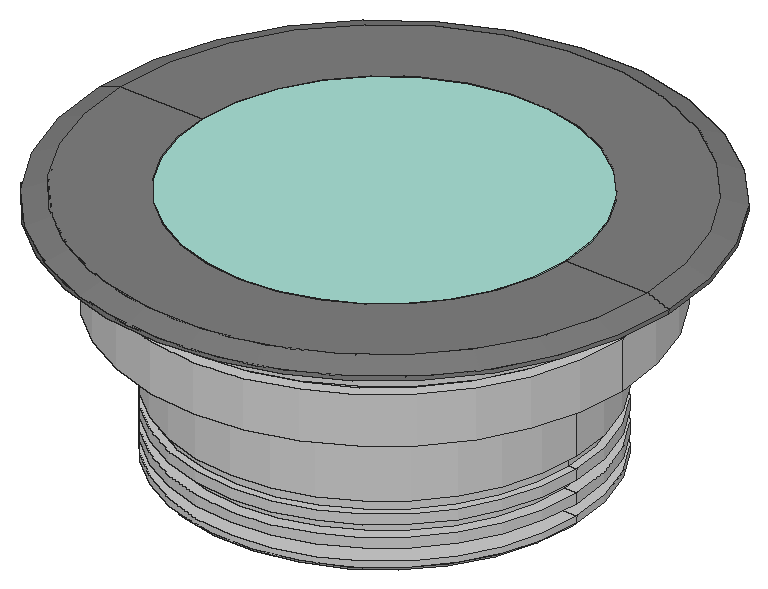
Revit family "Bright 5.F", category Lighting Fixtures, host Face, Revit 2017 (continued)
Types (16, lengths in mm): name | Wattage | Power | Photometric Web File | Optics | built-in parameter 1150142 | built-in parameter 1150105 | Lumens | built-in parameter 1150106 | Apparent Load Phase 1
    0.00 0.00 0.00 0.00 0.00 0.00 0.00 0.00 \r\n0.00 0.00 0.00 0.00 0.00 0.00 0.00 0.00 0.00 0.00 0.00 \r\n0.00 0.00 0.00 0.00 0.00 0.00 0.00 0.00 0.00 0.00 0.00 \r\n0.00 0.00 0.00 0.00 0.00 0.00 0.00 0.00 0.00 0.00 0.00 \r\n0.00 0.00 0.00 0.00 0.00 0.00 0.00 0.00 0.00 0.00 0.00 \r\n0.00 0.00 0.00 0.00 0.00 0.00 0.00 0.00 0.00 0.00 0.00 \r\n0.00 0.00 0.00 0.00 0.00 0.00 0.00 0.00 0.00 0.00 0.00 \r\n0.00 \r\n3191.58 3178.57 3115.50 3016.11 2899.42 2751.58 2589.73 \r\n2420.17 2236.07 2059.33 1886.71 1720.05 1549.41 1399.72 \r\n1253.67 1121.90 994.47 874.47 764.58 666.37 578.52 500.23 \r\n432.85 374.16 322.08 277.58 239.52 207.35 180.49 157.68 \r\n138.25 121.78 107.28 94.81 83.97 74.52 66.11 58.03 50.91 \r\n44.28 38.50 33.75 29.68 25.98 22.67 19.57 16.75 14.42 \r\n12.45 10.83 9.42 8.24 7.20 6.34 5.55 4.86 4.29 3.76 3.30 \r\n2.91 2.58 2.29 2.03 1.79 1.58 1.41 1.25 1.09 0.97 0.84 \r\n0.73 0.64 0.56 0.49 0.41 0.35 0.30 0.27 0.24 0.22 0.20 \r\n0.18 0.17 0.15 0.13 0.11 0.10 0.08 0.06 0.02 0.01 0.00 \r\n0.00 0.00 0.00 0.00 0.00 0.00 0.00 0.00 0.00 0.00 0.00 \r\n0.00 0.00 0.00 0.00 0.00 0.00 0.00 0.00 0.00 0.00 0.00 \r\n0.00 0.00 0.00 0.00 0.00 0.00 0.00 0.00 0.00 0.00 0.00 \r\n0.00 0.00 0.00 0.00 0.00 0.00 0.00 0.00 0.00 0.00 0.00 \r\n0.00 0.00 0.00 0.00 0.00 0.00 0.00 0.00 0.00 0.00 0.00 \r\n0.00 0.00 0.00 0.00 0.00 0.00 0.00 0.00 0.00 0.00 0.00 \r\n0.00 0.00 0.00 0.00 0.00 0.00 0.00 0.00 0.00 0.00 0.00 \r\n0.00 0.00 0.00 0.00 0.00 0.00 0.00 0.00 0.00 0.00 0.00 \r\n0.00 \r\n3191.58 3183.19 3130.04 3045.96 2942.91 2814.38 2677.25 \r\n2529.30 2376.89 2231.84 2080.08 1935.31 1782.28 1643.93 \r\n1503.86 1370.08 1242.22 1110.38 991.61 872.85 766.44 \r\n667.47 579.18 498.90 427.98 364.65 313.47 268.08 230.27 \r\n198.86 171.73 149.17 130.71 114.71 100.87 89.41 78.70 \r\n69.22 60.48 52.95 45.85 40.02 34.81 30.47 26.48 22.98 \r\n19.72 16.76 14.22 12.07 10.36 9.05 7.95 6.94 6.09 5.32 \r\n4.67 4.10 3.59 3.14 2.78 2.47 2.19 1.94 1.72 1.52 1.32 \r\n1.16 1.01 0.88 0.76 0.66 0.58 0.50 0.43 0.36 0.32 0.28 \r\n0.25 0.23 0.21 0.19 0.17 0.15 0.13 0.12 0.10 0.08 0.06 \r\n0.03 0.01 0.00 0.00 0.00 0.00 0.00 0.00 0.00 0.00 0.00 \r\n0.00 0.00 0.00 0.00 0.00 0.00 0.00 0.00 0.00 0.00 0.00 \r\n0.00 0.00 0.00 0.00 0.00 0.00 0.00 0.00 0.00 0.00 0.00 \r\n0.00 0.00 0.00 0.00 0.00 0.00 0.00 0.00 0.00 0.00 0.00 \r\n0.00 0.00 0.00 0.00 0.00 0.00 0.00 0.00 0.00 0.00 0.00 \r\n0.00 0.00 0.00 0.00 0.00 0.00 0.00 0.00 0.00 0.00 0.00 \r\n0.00 0.00 0.00 0.00 0.00 0.00 0.00 0.00 0.00 0.00 0.00 \r\n0.00 0.00 0.00 0.00 0.00 0.00 0.00 0.00 0.00 0.00 0.00 \r\n0.00 0.00 0.00 0.00 \r\n3191.58 3187.23 3139.02 3074.95 2984.94 2878.56 2765.01 \r\n2646.90 2519.51 2397.91 2275.38 2154.48 2031.11 1908.46 \r\n1788.20 1664.25 1532.92 1400.49 1273.06 1139.04 1012.94 \r\n891.35 780.81 674.44 581.96 496.68 426.39 360.32 305.57 \r\n260.04 220.25 189.02 163.47 141.61 123.46 108.27 94.87 \r\n83.51 72.23 63.20 54.27 47.10 41.02 35.61 31.07 27.02 \r\n23.16 19.80 16.77 14.09 11.88 10.15 8.86 7.71 6.71 5.85 \r\n5.12 4.50 3.91 3.41 3.01 2.65 2.34 2.07 1.82 1.60 1.40 \r\n1.23 1.07 0.92 0.80 0.69 0.61 0.52 0.45 0.38 0.33 0.29 \r\n0.26 0.24 0.22 0.20 0.18 0.16 0.14 0.12 0.10 0.08 0.06 \r\n0.02 0.00 0.00 0.00 0.00 0.00 0.00 0.00 0.00 0.00 0.00 \r\n0.00 0.00 0.00 0.00 0.00 0.00 0.00 0.00 0.00 0.00 0.00 \r\n0.00 0.00 0.00 0.00 0.00 0.00 0.00 0.00 0.00 0.00 0.00 \r\n0.00 0.00 0.00 0.00 0.00 0.00 0.00 0.00 0.00 0.00 0.00 \r\n0.00 0.00 0.00 0.00 0.00 0.00 0.00 0.00 0.00 0.00 0.00 \r\n0.00 0.00 0.00 0.00 0.00 0.00 0.00 0.00 0.00 0.00 0.00 \r\n0.00 0.00 0.00 0.00 0.00 0.00 0.00 0.00 0.00 0.00 0.00 \r\n0.00 0.00 0.00 0.00 0.00 0.00 0.00 0.00 0.00 0.00 0.00 \r\n0.00 0.00 0.00 0.00 \r\n3191.58 3189.40 3151.30 3095.59 3018.74 2933.84 2839.72 \r\n2750.09 2651.07 2558.66 2465.05 2376.01 2280.78 2186.50 \r\n2084.48 1978.22 1857.34 1732.05 1591.03 1460.27 1313.51 \r\n1174.29 1039.00 908.77 784.75 672.21 576.67 489.07 410.42 \r\n343.99 290.89 244.03 208.52 177.07 152.47 131.40 114.03 \r\n99.16 86.50 74.89 64.32 55.20 47.52 41.37 35.90 31.06 \r\n26.67 22.84 19.41 16.57 14.08 11.85 10.09 8.67 7.52 6.50 \r\n5.69 4.91 4.29 3.72 3.25 2.83 2.47 2.15 1.90 1.67 1.49 \r\n1.31 1.13 0.97 0.85 0.74 0.64 0.55 0.46 0.39 0.34 0.30 \r\n0.27 0.25 0.22 0.20 0.18 0.16 0.14 0.12 0.10 0.08 0.06 \r\n0.03 0.01 0.00 0.00 0.00 0.00 0.00 0.00 0.00 0.00 0.00 \r\n0.00 0.00 0.00 0.00 0.00 0.00 0.00 0.00 0.00 0.00 0.00 \r\n0.00 0.00 0.00 0.00 0.00 0.00 0.00 0.00 0.00 0.00 0.00 \r\n0.00 0.00 0.00 0.00 0.00 0.00 0.00 0.00 0.00 0.00 0.00 \r\n0.00 0.00 0.00 0.00 0.00 0.00 0.00 0.00 0.00 0.00 0.00 \r\n0.00 0.00 0.00 0.00 0.00 0.00 0.00 0.00 0.00 0.00 0.00 \r\n0.00 0.00 0.00 0.00 0.00 0.00 0.00 0.00 0.00 0.00 0.00 \r\n0.00 0.00 0.00 0.00 0.00 0.00 0.00 0.00 0.00 0.00 0.00 \r\n0.00 0.00 0.00 0.00 \r\n3191.58 3192.99 3159.59 3110.70 3049.20 2980.93 2905.65 \r\n2834.15 2764.18 2701.38 2636.55 2576.38 2511.91 2447.58 \r\n2364.79 2280.13 2179.61 2056.32 1925.00 1781.56 1632.48 \r\n1476.70 1322.52 1170.14 1024.00 882.66 758.99 642.48 \r\n541.44 450.99 376.88 316.30 264.88 223.06 188.68 161.40 \r\n137.54 118.17 101.59 88.15 75.06 64.00 54.72 47.35 40.55 \r\n34.81 29.90 25.83 22.36 19.06 16.39 13.89 11.84 9.86 8.39 \r\n7.20 6.26 5.44 4.71 4.06 3.47 2.99 2.57 2.26 1.97 1.75 \r\n1.54 1.36 1.20 1.05 0.90 0.79 0.68 0.57 0.48 0.41 0.36 \r\n0.32 0.29 0.26 0.23 0.21 0.19 0.17 0.15 0.13 0.11 0.09 \r\n0.06 0.02 0.00 0.00 0.00 0.00 0.00 0.00 0.00 0.00 0.00 \r\n0.00 0.00 0.00 0.00 0.00 0.00 0.00 0.00 0.00 0.00 0.00 \r\n0.00 0.00 0.00 0.00 0.00 0.00 0.00 0.00 0.00 0.00 0.00 \r\n0.00 0.00 0.00 0.00 0.00 0.00 0.00 0.00 0.00 0.00 0.00 \r\n0.00 0.00 0.00 0.00 0.00 0.00 0.00 0.00 0.00 0.00 0.00 \r\n0.00 0.00 0.00 0.00 0.00 0.00 0.00 0.00 0.00 0.00 0.00 \r\n0.00 0.00 0.00 0.00 0.00 0.00 0.00 0.00 0.00 0.00 0.00 \r\n0.00 0.00 0.00 0.00 0.00 0.00 0.00 0.00 0.00 0.00 0.00 \r\n0.00 0.00 0.00 0.00 0.00 \r\n3191.58 3194.72 3166.61 3125.40 3073.92 3017.77 2959.14 \r\n2901.57 2850.09 2807.69 2768.33 2735.49 2699.82 2656.09 \r\n2605.40 2536.69 2456.47 2345.54 2225.57 2079.89 1922.10 \r\n1749.79 1595.26 1412.79 1252.67 1089.14 936.44 799.95 \r\n671.08 563.09 471.78 391.52 322.96 270.56 224.52 190.82 \r\n160.13 136.12 116.09 99.69 84.53 72.45 60.85 52.04 44.35 \r\n37.82 32.75 28.33 24.70 21.38 18.31 15.72 13.46 11.31 \r\n9.57 8.01 6.86 5.89 4.99 4.29 3.65 3.13 2.70 2.37 2.06 \r\n1.83 1.59 1.41 1.25 1.11 0.96 0.84 0.72 0.61 0.50 0.43 \r\n0.37 0.33 0.30 0.27 0.25 0.22 0.20 0.17 0.15 0.13 0.11 \r\n0.09 0.06 0.02 0.00 0.00 0.00 0.00 0.00 0.00 0.00 0.00 \r\n0.00 0.00 0.00 0.00 0.00 0.00 0.00 0.00 0.00 0.00 0.00 \r\n0.00 0.00 0.00 0.00 0.00 0.00 0.00 0.00 0.00 0.00 0.00 \r\n0.00 0.00 0.00 0.00 0.00 0.00 0.00 0.00 0.00 0.00 0.00 \r\n0.00 0.00 0.00 0.00 0.00 0.00 0.00 0.00 0.00 0.00 0.00 \r\n0.00 0.00 0.00 0.00 0.00 0.00 0.00 0.00 0.00 0.00 0.00 \r\n0.00 0.00 0.00 0.00 0.00 0.00 0.00 0.00 0.00 0.00 0.00 \r\n0.00 0.00 0.00 0.00 0.00 0.00 0.00 0.00 0.00 0.00 0.00 \r\n0.00 0.00 0.00 0.00 0.00 0.00 \r\n3191.58 3194.55 3170.41 3135.80 3087.30 3038.00 2985.89 \r\n2941.94 2905.37 2876.82 2855.25 2839.63 2820.19 2796.07 \r\n2760.54 2708.29 2639.07 2539.79 2423.62 2284.70 2122.43 \r\n1952.93 1782.34 1594.99 1410.82 1238.15 1069.19 916.12 \r\n778.99 651.74 545.42 451.56 373.27 308.54 253.79 211.54 \r\n178.53 150.71 128.05 109.34 92.64 78.90 65.95 55.18 46.77 \r\n39.81 34.63 30.15 26.38 22.94 19.98 17.10 14.71 12.41 \r\n10.55 8.84 7.33 6.22 5.22 4.42 3.79 3.25 2.81 2.46 2.12 \r\n1.87 1.64 1.44 1.29 1.14 1.02 0.90 0.76 0.62 0.51 0.43 \r\n0.38 0.34 0.31 0.28 0.25 0.23 0.20 0.18 0.16 0.13 0.11 \r\n0.09 0.06 0.02 0.00 0.00 0.00 0.00 0.00 0.00 0.00 0.00 \r\n0.00 0.00 0.00 0.00 0.00 0.00 0.00 0.00 0.00 0.00 0.00 \r\n0.00 0.00 0.00 0.00 0.00 0.00 0.00 0.00 0.00 0.00 0.00 \r\n0.00 0.00 0.00 0.00 0.00 0.00 0.00 0.00 0.00 0.00 0.00 \r\n0.00 0.00 0.00 0.00 0.00 0.00 0.00 0.00 0.00 0.00 0.00 \r\n0.00 0.00 0.00 0.00 0.00 0.00 0.00 0.00 0.00 0.00 0.00 \r\n0.00 0.00 0.00 0.00 0.00 0.00 0.00 0.00 0.00 0.00 0.00 \r\n0.00 0.00 0.00 0.00 0.00 0.00 0.00 0.00 0.00 0.00 0.00 \r\n0.00 0.00 0.00 0.00 0.00 0.00 \r\n3191.58 3193.62 3171.21 3137.40 3091.36 3043.67 3000.06 \r\n2958.74 2925.28 2901.33 2884.49 2873.42 2861.87 2844.76 \r\n2815.34 2769.59 2707.48 2615.20 2496.79 2358.73 2203.56 \r\n2030.50 1855.05 1659.44 1478.52 1288.04 1120.83 956.38 \r\n815.71 679.85 574.06 473.20 387.67 319.57 264.86 222.06 \r\n184.40 155.84 131.72 112.43 95.47 81.39 66.92 56.58 47.34 \r\n40.40 35.20 30.62 27.11 23.55 20.38 17.57 15.17 12.72 \r\n10.88 9.02 7.62 6.25 5.22 4.45 3.83 3.30 2.88 2.48 2.15 \r\n1.89 1.64 1.46 1.30 1.16 1.04 0.91 0.76 0.63 0.52 0.44 \r\n0.38 0.34 0.31 0.28 0.25 0.23 0.20 0.18 0.16 0.13 0.11 \r\n0.09 0.06 0.02 0.00 0.00 0.00 0.00 0.00 0.00 0.00 0.00 \r\n0.00 0.00 0.00 0.00 0.00 0.00 0.00 0.00 0.00 0.00 0.00 \r\n0.00 0.00 0.00 0.00 0.00 0.00 0.00 0.00 0.00 0.00 0.00 \r\n0.00 0.00 0.00 0.00 0.00 0.00 0.00 0.00 0.00 0.00 0.00 \r\n0.00 0.00 0.00 0.00 0.00 0.00 0.00 0.00 0.00 0.00 0.00 \r\n0.00 0.00 0.00 0.00 0.00 0.00 0.00 0.00 0.00 0.00 0.00 \r\n0.00 0.00 0.00 0.00 0.00 0.00 0.00 0.00 0.00 0.00 0.00 \r\n0.00 0.00 0.00 0.00 0.00 0.00 0.00 0.00 0.00 0.00 0.00 \r\n0.00 0.00 0.00 0.00 0.00 0.00 \r\n3191.58 3194.55 3170.41 3135.80 3087.30 3038.00 2985.89 \r\n2941.94 2905.37 2876.82 2855.25 2839.63 2820.19 2796.07 \r\n2760.54 2708.29 2639.07 2539.79 2423.62 2284.70 2122.43 \r\n1952.93 1782.34 1594.99 1410.82 1238.15 1069.19 916.12 \r\n778.99 651.74 545.42 451.56 373.27 308.54 253.79 211.54 \r\n178.53 150.71 128.05 109.34 92.64 78.90 65.95 55.18 46.77 \r\n39.81 34.63 30.15 26.38 22.94 19.98 17.10 14.71 12.41 \r\n10.55 8.84 7.33 6.22 5.22 4.42 3.79 3.25 2.81 2.46 2.12 \r\n1.87 1.64 1.44 1.29 1.14 1.02 0.90 0.76 0.62 0.51 0.43 \r\n0.38 0.34 0.31 0.28 0.25 0.23 0.20 0.18 0.16 0.13 0.11 \r\n0.09 0.06 0.02 0.00 0.00 0.00 0.00 0.00 0.00 0.00 0.00 \r\n0.00 0.00 0.00 0.00 0.00 0.00 0.00 0.00 0.00 0.00 0.00 \r\n0.00 0.00 0.00 0.00 0.00 0.00 0.00 0.00 0.00 0.00 0.00 \r\n0.00 0.00 0.00 0.00 0.00 0.00 0.00 0.00 0.00 0.00 0.00 \r\n0.00 0.00 0.00 0.00 0.00 0.00 0.00 0.00 0.00 0.00 0.00 \r\n0.00 0.00 0.00 0.00 0.00 0.00 0.00 0.00 0.00 0.00 0.00 \r\n0.00 0.00 0.00 0.00 0.00 0.00 0.00 0.00 0.00 0.00 0.00 \r\n0.00 0.00 0.00 0.00 0.00 0.00 0.00 0.00 0.00 0.00 0.00 \r\n0.00 0.00 0.00 0.00 0.00 0.00 \r\n3191.58 3194.72 3166.61 3125.40 3073.92 3017.77 2959.14 \r\n2901.57 2850.09 2807.69 2768.33 2735.49 2699.82 2656.09 \r\n2605.40 2536.69 2456.47 2345.54 2225.57 2079.89 1922.10 \r\n1749.79 1595.26 1412.79 1252.67 1089.14 936.44 799.95 \r\n671.08 563.09 471.78 391.52 322.96 270.56 224.52 190.82 \r\n160.13 136.12 116.09 99.69 84.53 72.45 60.85 52.04 44.35 \r\n37.82 32.75 28.33 24.70 21.38 18.31 15.72 13.46 11.31 \r\n9.57 8.01 6.86 5.89 4.99 4.29 3.65 3.13 2.70 2.37 2.06 \r\n1.83 1.59 1.41 1.25 1.11 0.96 0.84 0.72 0.61 0.50 0.43 \r\n0.37 0.33 0.30 0.27 0.25 0.22 0.20 0.17 0.15 0.13 0.11 \r\n0.09 0.06 0.02 0.00 0.00 0.00 0.00 0.00 0.00 0.00 0.00 \r\n0.00 0.00 0.00 0.00 0.00 0.00 0.00 0.00 0.00 0.00 0.00 \r\n0.00 0.00 0.00 0.00 0.00 0.00 0.00 0.00 0.00 0.00 0.00 \r\n0.00 0.00 0.00 0.00 0.00 0.00 0.00 0.00 0.00 0.00 0.00 \r\n0.00 0.00 0.00 0.00 0.00 0.00 0.00 0.00 0.00 0.00 0.00 \r\n0.00 0.00 0.00 0.00 0.00 0.00 0.00 0.00 0.00 0.00 0.00 \r\n0.00 0.00 0.00 0.00 0.00 0.00 0.00 0.00 0.00 0.00 0.00 \r\n0.00 0.00 0.00 0.00 0.00 0.00 0.00 0.00 0.00 0.00 0.00 \r\n0.00 0.00 0.00 0.00 0.00 0.00 \r\n3191.58 3192.99 3159.59 3110.70 3049.20 2980.93 2905.65 \r\n2834.15 2764.18 2701.38 2636.55 2576.38 2511.91 2447.58 \r\n2364.79 2280.13 2179.61 2056.32 1925.00 1781.56 1632.48 \r\n1476.70 1322.52 1170.14 1024.00 882.66 758.99 642.48 \r\n541.44 450.99 376.88 316.30 264.88 223.06 188.68 161.40 \r\n137.54 118.17 101.59 88.15 75.06 64.00 54.72 47.35 40.55 \r\n34.81 29.90 25.83 22.36 19.06 16.39 13.89 11.84 9.86 8.39 \r\n7.20 6.26 5.44 4.71 4.06 3.47 2.99 2.57 2.26 1.97 1.75 \r\n1.54 1.36 1.20 1.05 0.90 0.79 0.68 0.57 0.48 0.41 0.36 \r\n0.32 0.29 0.26 0.23 0.21 0.19 0.17 0.15 0.13 0.11 0.09 \r\n0.06 0.02 0.00 0.00 0.00 0.00 0.00 0.00 0.00 0.00 0.00 \r\n0.00 0.00 0.00 0.00 0.00 0.00 0.00 0.00 0.00 0.00 0.00 \r\n0.00 0.00 0.00 0.00 0.00 0.00 0.00 0.00 0.00 0.00 0.00 \r\n0.00 0.00 0.00 0.00 0.00 0.00 0.00 0.00 0.00 0.00 0.00 \r\n0.00 0.00 0.00 0.00 0.00 0.00 0.00 0.00 0.00 0.00 0.00 \r\n0.00 0.00 0.00 0.00 0.00 0.00 0.00 0.00 0.00 0.00 0.00 \r\n0.00 0.00 0.00 0.00 0.00 0.00 0.00 0.00 0.00 0.00 0.00 \r\n0.00 0.00 0.00 0.00 0.00 0.00 0.00 0.00 0.00 0.00 0.00 \r\n0.00 0.00 0.00 0.00 0.00 \r\n3191.58 3189.40 3151.30 3095.59 3018.74 2933.84 2839.72 \r\n2750.09 2651.07 2558.66 2465.05 2376.01 2280.78 2186.50 \r\n2084.48 1978.22 1857.34 1732.05 1591.03 1460.27 1313.51 \r\n1174.29 1039.00 908.77 784.75 672.21 576.67 489.07 410.42 \r\n343.99 290.89 244.03 208.52 177.07 152.47 131.40 114.03 \r\n99.16 86.50 74.89 64.32 55.20 47.52 41.37 35.90 31.06 \r\n26.67 22.84 19.41 16.57 14.08 11.85 10.09 8.67 7.52 6.50 \r\n5.69 4.91 4.29 3.72 3.25 2.83 2.47 2.15 1.90 1.67 1.49 \r\n1.31 1.13 0.97 0.85 0.74 0.64 0.55 0.46 0.39 0.34 0.30 \r\n0.27 0.25 0.22 0.20 0.18 0.16 0.14 0.12 0.10 0.08 0.06 \r\n0.03 0.01 0.00 0.00 0.00 0.00 0.00 0.00 0.00 0.00 0.00 \r\n0.00 0.00 0.00 0.00 0.00 0.00 0.00 0.00 0.00 0.00 0.00 \r\n0.00 0.00 0.00 0.00 0.00 0.00 0.00 0.00 0.00 0.00 0.00 \r\n0.00 0.00 0.00 0.00 0.00 0.00 0.00 0.00 0.00 0.00 0.00 \r\n0.00 0.00 0.00 0.00 0.00 0.00 0.00 0.00 0.00 0.00 0.00 \r\n0.00 0.00 0.00 0.00 0.00 0.00 0.00 0.00 0.00 0.00 0.00 \r\n0.00 0.00 0.00 0.00 0.00 0.00 0.00 0.00 0.00 0.00 0.00 \r\n0.00 0.00 0.00 0.00 0.00 0.00 0.00 0.00 0.00 0.00 0.00 \r\n0.00 0.00 0.00 0.00 \r\n3191.58 3187.23 3139.02 3074.95 2984.94 2878.56 2765.01 \r\n2646.90 2519.51 2397.91 2275.38 2154.48 2031.11 1908.46 \r\n1788.20 1664.25 1532.92 1400.49 1273.06 1139.04 1012.94 \r\n891.35 780.81 674.44 581.96 496.68 426.39 360.32 305.57 \r\n260.04 220.25 189.02 163.47 141.61 123.46 108.27 94.87 \r\n83.51 72.23 63.20 54.27 47.10 41.02 35.61 31.07 27.02 \r\n23.16 19.80 16.77 14.09 11.88 10.15 8.86 7.71 6.71 5.85 \r\n5.12 4.50 3.91 3.41 3.01 2.65 2.34 2.07 1.82 1.60 1.40 \r\n1.23 1.07 0.92 0.80 0.69 0.61 0.52 0.45 0.38 0.33 0.29 \r\n0.26 0.24 0.22 0.20 0.18 0.16 0.14 0.12 0.10 0.08 0.06 \r\n0.02 0.00 0.00 0.00 0.00 0.00 0.00 0.00 0.00 0.00 0.00 \r\n0.00 0.00 0.00 0.00 0.00 0.00 0.00 0.00 0.00 0.00 0.00 \r\n0.00 0.00 0.00 0.00 0.00 0.00 0.00 0.00 0.00 0.00 0.00 \r\n0.00 0.00 0.00 0.00 0.00 0.00 0.00 0.00 0.00 0.00 0.00 \r\n0.00 0.00 0.00 0.00 0.00 0.00 0.00 0.00 0.00 0.00 0.00 \r\n0.00 0.00 0.00 0.00 0.00 0.00 0.00 0.00 0.00 0.00 0.00 \r\n0.00 0.00 0.00 0.00 0.00 0.00 0.00 0.00 0.00 0.00 0.00 \r\n0.00 0.00 0.00 0.00 0.00 0.00 0.00 0.00 0.00 0.00 0.00 \r\n0.00 0.00 0.00 0.00 \r\n3191.58 3183.19 3130.04 3045.96 2942.91 2814.38 2677.25 \r\n2529.30 2376.89 2231.84 2080.08 1935.31 1782.28 1643.93 \r\n1503.86 1370.08 1242.22 1110.38 991.61 872.85 766.44 \r\n667.47 579.18 498.90 427.98 364.65 313.47 268.08 230.27 \r\n198.86 171.73 149.17 130.71 114.71 100.87 89.41 78.70 \r\n69.22 60.48 52.95 45.85 40.02 34.81 30.47 26.48 22.98 \r\n19.72 16.76 14.22 12.07 10.36 9.05 7.95 6.94 6.09 5.32 \r\n4.67 4.10 3.59 3.14 2.78 2.47 2.19 1.94 1.72 1.52 1.32 \r\n1.16 1.01 0.88 0.76 0.66 0.58 0.50 0.43 0.36 0.32 0.28 \r\n0.25 0.23 0.21 0.19 0.17 0.15 0.13 0.12 0.10 0.08 0.06 \r\n0.03 0.01 0.00 0.00 0.00 0.00 0.00 0.00 0.00 0.00 0.00 \r\n0.00 0.00 0.00 0.00 0.00 0.00 0.00 0.00 0.00 0.00 0.00 \r\n0.00 0.00 0.00 0.00 0.00 0.00 0.00 0.00 0.00 0.00 0.00 \r\n0.00 0.00 0.00 0.00 0.00 0.00 0.00 0.00 0.00 0.00 0.00 \r\n0.00 0.00 0.00 0.00 0.00 0.00 0.00 0.00 0.00 0.00 0.00 \r\n0.00 0.00 0.00 0.00 0.00 0.00 0.00 0.00 0.00 0.00 0.00 \r\n0.00 0.00 0.00 0.00 0.00 0.00 0.00 0.00 0.00 0.00 0.00 \r\n0.00 0.00 0.00 0.00 0.00 0.00 0.00 0.00 0.00 0.00 0.00 \r\n0.00 0.00 0.00 0.00 \r\n3191.58 3178.57 3115.50 3016.11 2899.42 2751.58 2589.73 \r\n2420.17 2236.07 2059.33 1886.71 1720.05 1549.41 1399.72 \r\n1253.67 1121.90 994.47 874.47 764.58 666.37 578.52 500.23 \r\n432.85 374.16 322.08 277.58 239.52 207.35 180.49 157.68 \r\n138.25 121.78 107.28 94.81 83.97 74.52 66.11 58.03 50.91 \r\n44.28 38.50 33.75 29.68 25.98 22.67 19.57 16.75 14.42 \r\n12.45 10.83 9.42 8.24 7.20 6.34 5.55 4.86 4.29 3.76 3.30 \r\n2.91 2.58 2.29 2.03 1.79 1.58 1.41 1.25 1.09 0.97 0.84 \r\n0.73 0.64 0.56 0.49 0.41 0.35 0.30 0.27 0.24 0.22 0.20 \r\n0.18 0.17 0.15 0.13 0.11 0.10 0.08 0.06 0.02 0.01 0.00 \r\n0.00 0.00 0.00 0.00 0.00 0.00 0.00 0.00 0.00 0.00 0.00 \r\n0.00 0.00 0.00 0.00 0.00 0.00 0.00 0.00 0.00 0.00 0.00 \r\n0.00 0.00 0.00 0.00 0.00 0.00 0.00 0.00 0.00 0.00 0.00 \r\n0.00 0.00 0.00 0.00 0.00 0.00 0.00 0.00 0.00 0.00 0.00 \r\n0.00 0.00 0
